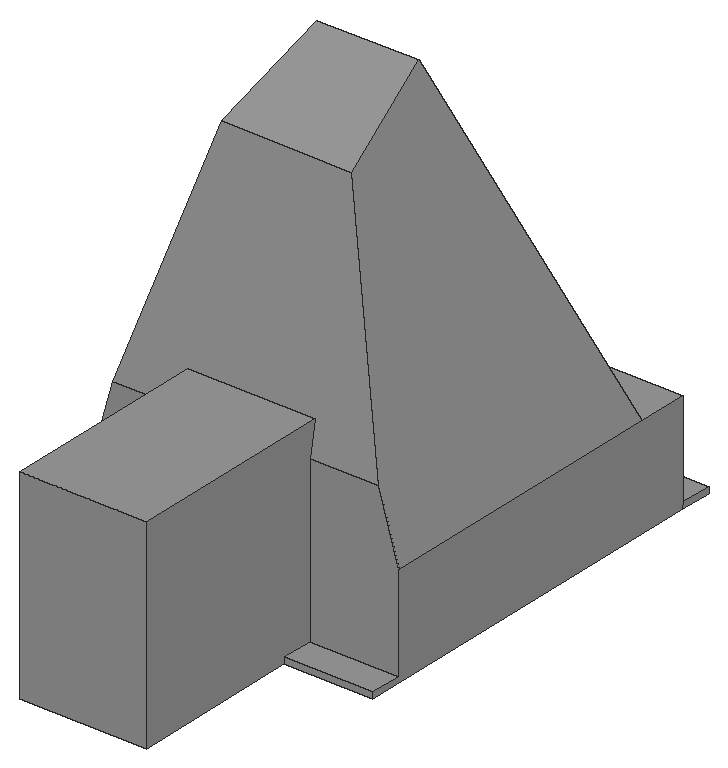
Revit family "Urinal-Willoughby-UW-1412-WO-FA-BS", category Plumbing Fixtures, Revit 2015
Parameters (values of type "Standard")
  Waste DIA = 1 1/2"
  Waste Connection = yes
  Vent Connection = no
  URL = "https://www.willoughby-ind.com/wp-content/uploads/2018/01/UW-1412-WO-FA.pdf"
  Type Comments = ""
  Revision = "A"
  Model = "UW-1412-WO-FA-BS"
  Manufacturer = "Willoughby Industries"
  HW Connection = no
  Flush Inlet DIA = 3/4"
  Flush Inlet Connection = yes
  Fixture Body = Stainless Steel AISI 304-Willoughby
  Description = "Wash out Urinal, Front Access, Back Spud"
  Default Elevation = 1' - 2"
  Contact Info. = "(800) 428-4065"
  CW Connection = no
Reference planes (in)
  plane 1 "Center (Front/Back)": y = 0
  plane 2: z = 0
  plane 3 "Center (Left/Right)": x = 0
Forms (in)
  Extrusion 1, solid, material "Stainless Steel AISI 304-Willoughby" <- "Fixture Body"
    sketch origin (0, 0, 0) x (1, 0, 0) y (0, 0, 1)
      loop
        line (-6, 4) -> (-6, 0) -> (6, 0) -> (6, 4) -> (-6, 4)
    from -14 to 0
  Extrusion 2, solid, material "Stainless Steel AISI 304-Willoughby" <- "Fixture Body"
    sketch origin (0, 0, -0.06446) x (0, 1, 0) y (0, 0, 1)
      loop
        line (0, 4.06446) -> (11.97238, 4.06446) -> (6, 18) -> (2, 16) -> (0, 6.75) -> (0, 4.06446)
    from -6 to 6
  Extrusion 3, void, detail levels fine
    sketch origin (0, 0, 0) x (1, 0, 0) y (0, 0, 1)
      loop
        line (2, 17.93554) -> (6, 4) -> (8.25, 4) -> (8.25, 17.93554) -> (2, 17.93554)
    from 0 to -14
  Extrusion 4, void, detail levels fine
    sketch origin (0, 0, 0) x (-1, 0, 0) y (0, 0, -1)
      loop
        line (2, -17.93554) -> (8.25, -17.93554) -> (8.25, -4) -> (6, -4) -> (2, -17.93554)
    from 0 to -14
  Extrusion 5, void, detail levels fine
    sketch origin (0, 0, 0) x (1, 0, 0) y (0, 0, 1)
      loop
        line (1.77095, 17.31054) -> (-1.77095, 17.31054) -> (-5.35277, 4) -> (5.35277, 4) -> (1.77095, 17.31054)
    from -5.08704 to -12.29395
  Extrusion 6, void, detail levels fine
    sketch origin (0, 0, 0) x (1, 0, 0) y (0, 0, 1)
      loop
        line (5.35277, 4) -> (-5.35277, 4) -> (-5.35277, 1) -> (5.35277, 1) -> (5.35277, 4)
    from -5.08704 to -11.91519
  Extrusion 7, solid, material "Stainless Steel AISI 304-Willoughby" <- "Fixture Body"
    sketch origin (0, 0, 0) x (0, 1, 0) y (0, 0, 1)
      loop
        line (0.2713, 8) -> (-8, 8) -> (-8, 0) -> (0.2713, 0) -> (0.2713, 8)
    from -2.5 to 2.5
  Extrusion 8, solid, material "Stainless Steel AISI 304-Willoughby" <- "Fixture Body"
    sketch origin (0, -0.75, 0.25) x (1, 0, 0) y (0, 1, 0)
      loop
        circle (0, 12.75) r 0.375
    from -0.25 to 0.44531
  Extrusion 9, solid, material "Stainless Steel AISI 304-Willoughby" <- "Fixture Body"
    sketch origin (0, 0, 0) x (0, 1, 0) y (0, 0, 1)
      loop
        line (14, 0) -> (15.25, 0) -> (15.25, 0.25) -> (14, 0.25) -> (14, 0)
    from -6 to 6
  Extrusion 10, solid, material "Stainless Steel AISI 304-Willoughby" <- "Fixture Body"
    sketch origin (0, -15.25, 0) x (0, 1, 0) y (0, 0, 1)
      loop
        line (14, 0) -> (15.25, 0) -> (15.25, 0.25) -> (14, 0.25) -> (14, 0)
    from -6 to 6
  Extrusion 11, solid, material "Stainless Steel AISI 304-Willoughby" <- "Fixture Body"
    sketch origin (0, 0, 0) x (1, 0, 0) y (0, 1, 0)
      loop
        circle (0, -2.25) r 0.75
    from 0 to 1.45666
Cuts and joins
  Extrusion 3, Extrusion 4, Extrusion 5, Extrusion 6 cuts Extrusion 1
  Extrusion 3, Extrusion 4, Extrusion 5, Extrusion 6 cuts Extrusion 2
  joined: Extrusion 1, Extrusion 2, Extrusion 7, Extrusion 10
Lines and regions (in)
  symbolic lines
    curve 1: line (6, 0, 0) -> (-6, 0, 0)
    curve 2: line (-6, 0, 0) -> (-6, 11.97238, 0)
    curve 3: line (-6, 11.97238, 0) -> (6, 11.97238, 0)
    curve 4: line (-6, 11.97238, 0) -> (-6, 15.25, 0)
    curve 5: line (-6, 15.25, 0) -> (6, 15.25, 0)
    curve 6: line (6, 15.25, 0) -> (6, 11.97238, 0)
    curve 7: line (-6, 14, 0) -> (6, 14, 0)
    curve 8: line (6, 0, 0) -> (6, -1.25, 0)
    curve 9: line (6, -1.25, 0) -> (2.5, -1.25, 0)
    curve 10: line (-2.5, -1.25, 0) -> (-6, -1.25, 0)
    curve 11: line (-6, -1.25, 0) -> (-6, 0, 0)
    curve 12: line (2.5, 0.2713, 0) -> (2.5, -8, 0)
    curve 13: line (2.5, -8, 0) -> (-2.5, -8, 0)
    curve 14: line (-2.5, -8, 0) -> (-2.5, 0.2713, 0)
    curve 15: line (-2.5, 0.2713, 0) -> (2.5, 0.2713, 0)
    curve 16: line (-5.22915, 0, 0) -> (-2.57407, 2, 0)
    curve 17: line (-2.57407, 2, 0) -> (-2, 6, 0)
    curve 18: line (-2, 6, 0) -> (2, 6, 0)
    curve 19: line (2, 6, 0) -> (2.57407, 2, 0)
    curve 20: line (2.57407, 2, 0) -> (-2.57407, 2, 0)
    curve 21: line (5.22915, 0, 0) -> (2.57407, 2, 0)
    curve 22: line (-6, 11.97238, 0) -> (-2, 6, 0)
    curve 23: line (2, 6, 0) -> (6, 11.97238, 0)
    curve 24: line (5.35277, 11.97238, 0) -> (1.77095, 6.26786, 0)
    curve 25: line (1.77095, 6.26786, 0) -> (-1.77095, 6.26786, 0)
    curve 26: line (-1.77095, 6.26786, 0) -> (-5.35277, 11.97238, 0)
    curve 27: line (6, 0, 0) -> (6, 0, 4)
    curve 28: line (6, 0, 4) -> (2, 0, 17.93554)
    curve 29: line (2, 0, 17.93554) -> (-2, 0, 17.93554)
    curve 30: line (-2, 0, 17.93554) -> (-6, 0, 4)
    curve 31: line (-6, 0, 4) -> (-6, 0, 0)
    curve 32: line (-6, 0, 0) -> (6, 0, 0)
    curve 34: line (5.35277, 0, 1) -> (5.35277, 0, 4)
    curve 38: line (-5.35277, 0, 4) -> (-5.35277, 0, 1)
    curve 39: line (-5.35277, 0, 1) -> (5.35277, 0, 1)
    curve 41: line (0, -8, 0) -> (0, 15.25, 0)
    curve 42: line (0, 15.25, 0) -> (0, 15.25, 0.25)
    curve 43: line (0, 15.25, 0.25) -> (0, 14, 0.25)
    curve 44: line (0, 14, 0.25) -> (0, 14, 4)
    curve 45: line (0, 14, 4) -> (0, 0, 4)
    curve 46: line (0, 0, 4) -> (0, 0, 0.25)
    curve 47: line (0, 0, 0.25) -> (0, -1.25, 0.25)
    curve 48: line (0, -1.25, 0.25) -> (0, -1.25, 0)
    curve 49: line (0, 11.97238, 4) -> (0, 6, 17.93554)
    curve 50: line (0, 6, 17.93554) -> (0, 2, 15.93554)
    curve 51: line (0, 2, 15.93554) -> (0, 0, 6.68554)
    curve 52: line (0, 0, 6.68554) -> (0, 0, 0.25)
    curve 53: line (0, 0.28421, 8) -> (0, -8, 8)
    curve 54: line (0, -8, 8) -> (0, -8, 0)
    curve 55: line (6, 0, 4) -> (-6, 0, 4)
    curve 56: line (6, 11.97238, 0) -> (6, 0, 0)
  symbolic lines, detail levels medium+fine
    curve 33: line (6, 0, 0.25) -> (-6, 0, 0.25)
  symbolic lines, detail levels fine
    curve 35: line (5.35277, 0, 4) -> (1.77095, 0, 17.31054)
    curve 36: line (1.77095, 0, 17.31054) -> (-1.77095, 0, 17.31054)
    curve 37: line (-1.77095, 0, 17.31054) -> (-5.35277, 0, 4)
    curve 40: line (6, 0, 4) -> (-6, 0, 4)
Dimensions and locks (in)
  aligned and locked: cut or joined group 1 (Extrusion 1, Extrusion 2, Extrusion 3, Extrusion 4, Extrusion 5, Extrusion 6, Extrusion 7, Extrusion 10) to cut or joined group 1  (x13)
  aligned and locked: cut or joined group 1 to level
  aligned and locked: level to cut or joined group 1
  aligned and locked: level to Extrusion 9
  aligned and locked: curve 6 to curve 56
Connectors (in)
  piping at (0, 12, 0), diameter 0.75, driven by "Flush Inlet Connection", driven by "Flush Inlet DIA"
    settings: on Extrusion 8, index 2, connector inside diameter 3/4", connector length 0' - 0", flow factor 0, pipe flow 0 GPM, pressure drop 0.00 psi, fitting loss kfactor 0, connector angle 0.00°, fixture units 0, engagement length 0' - 0", angle of deflection 0.00°, flow configuration 0, flow direction 1, fitting loss method 0, system type 20, joint type 0, gender type 0, connector reference index -1, connector utility 1, adjustable connector no, is connector primary yes, connector description "Flush Inlet"
  piping at (0, -2.25, 0), diameter 1.5, driven by "Waste Connection", driven by "Waste DIA"
    settings: on Extrusion 11, index 3, connector inside diameter 1 1/2", connector length 0' - 0", flow factor 0, pipe flow 0 GPM, pressure drop 0.00 psi, fitting loss kfactor 0, connector angle 0.00°, fixture units 0, engagement length 0' - 0", angle of deflection 0.00°, flow configuration 0, flow direction 2, fitting loss method 0, system type 16, joint type 0, gender type 0, connector reference index -1, connector utility 1, adjustable connector yes, is connector primary no, connector description "Urinal Waste"
